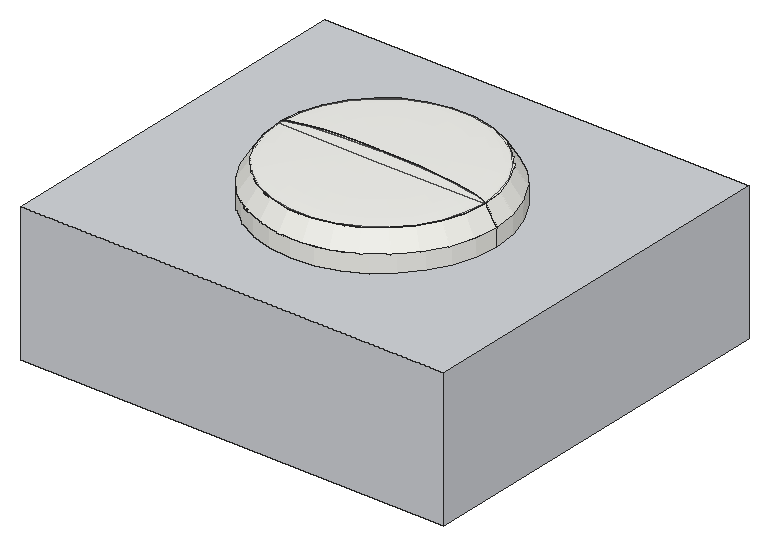
Revit family "M_Luminária embutida - Redonda - LED (2)", category Luminárias, Revit 2019
Family settings
  Hospedeiro = Face
  Cota do conector redondo = Utilizar diâmetro
  Tipo de parte = Normal
  Número OmniClass = 23.80.70.11.14.11
  Título OmniClass = Downlights
  Corte com vazios quando carregada = Não
  Fonte luminosa = Sim
  Compartilhado = Não
  Ponto de cálculo do ambiente = Não
Parameters (values of type "LED15FMM9-W120")
  Wattage = 15 W
  built-in parameter 1150110 = 1 (stored number, unit not read)
  Voltagem = 120 V
  built-in parameter 1114217 = 1 (stored number, unit not read)
  Tilt Angle = -90.00°
  built-in parameter 1150109 = 1 (stored number, unit not read)
  built-in parameter 1150134 = (empty or 0)
  built-in parameter 1150113 = 1 (stored number, unit not read)
  Arquivo de rede fotométrica = "LED15FMM9.IES"
  Número de pólos = 1
  built-in parameter 1150105 = 77.588 (stored number, unit not read)
  Lumens = 975 lm
  built-in parameter 1150115 = 1 (stored number, unit not read)
  Classificação de carga = Iluminação - Unidade de interrupção
  built-in parameter 1150137 = (empty or 0)
  built-in parameter 1150139 = (empty or 0)
  built-in parameter 1150112 = 1 (stored number, unit not read)
  Material do difusor = Vidro, Branco, Alta Luminosidade
  built-in parameter 1150114 = 1 (stored number, unit not read)
  Lâmpada = "LED"
  built-in parameter 1150132 = (empty or 0)
  built-in parameter 1150102 = (empty or 0)
  built-in parameter 1150107 = 2700 (stored number, unit not read)
  built-in parameter 1150138 = (empty or 0)
  built-in parameter 1150106 = 0.77588 (stored number, unit not read)
  built-in parameter 1150104 = 6.0387 (stored number, unit not read)
  Dimming Lamp Color Temperature Shift = (empty or 0)
  Elevação-padrão = 1200 mm
  Color Filter = 16777215
  Diâmetro do difusor = Diâmetro da sombra 2  # 230 mm
  Diâmetro da sombra 2 = 230 mm
  Diâmetro da sobra 1 = Diâmetro da sombra 2 + 25 mm  # 255 mm
  Material de sombra = Aço, acabamento de pintura, marfim, com brilho
  built-in parameter 1114218 = 1 (stored number, unit not read)
  built-in parameter 1150133 = 10 (stored number, unit not read)
  Apparent Load = 15 VA
Types (3, lengths in mm): name | Arquivo de rede fotométrica | Diâmetro do difusor | Diâmetro da sombra 2 | Diâmetro da sobra 1
  (no name) | "LED15FMM9.IES" | 230 | 230 | 255
  LED15FM12-W120 | "LED15FM12.IES" | 300 | 300 | 325
  LED15FMM9-W120 | "LED15FMM9.IES" | 230 | 230 | 255
Reference planes
  plane 1 "Centro (Frente/Trás)": y = 0
  plane 2: z = 0
  plane 3 "Centro (Esquerda/Direita)": x = 0
  plane 4: z = 19.05
  plane 5: z = 38.1
  plane 6: z = 50.8
  plane 7: x = 127.5
  plane 8: x = -127.5
  plane 9: x = 115
  plane 10: x = -115
  plane 11: x = 115
  plane 12: x = -115
  plane 13: z = 49.53
  plane 14: x = 113.73
  plane 15: x = -113.73
Forms (mm)
  Extrusion 1, solid
    sketch origin (0, 0, 0) x (1, 0, 0) y (0, 1, 0)
      loop
        line (-240, 220) -> (-240, -202.71) -> (231.16, -202.71) -> (231.16, 220) -> (-240, 220)
    from 0 to -152.4
  Revolve 2, solid, material "Aço, acabamento de pintura, marfim, com brilho" <- "Material de sombra", detail levels medium+fine
    sketch origin (0, 0, 0) x (1, 0, 0) y (0, 0, 1)
      loop
        line (127.5, 0) -> (127.5, 19.05) -> (115, 38.1) -> (0, 38.1) -> (0, 0) -> (127.5, 0)
      axis (0, 0) -> (0, 38.1)
    angle from 0 to 360
  Revolve 3, solid, material "Vidro, Branco, Alta Luminosidade" <- "Material do difusor", detail levels medium+fine
    sketch origin (0, 0, 0) x (1, 0, 0) y (0, 0, 1)
      loop
        spline (115, 38.1) -> (114.016, 39.758) -> (111.081, 41.387) -> (106.246, 42.96) -> (99.593, 44.45) -> (91.236, 45.831) -> (81.317, 47.08) -> (70.008, 48.176) -> (57.5, 49.099) -> (44.009, 49.833) -> (29.764, 50.367) -> (15.011, 50.691) -> (0, 50.8)
        line (0, 50.8) -> (0, 49.53)
        spline (0, 49.53) -> (14.845, 49.432) -> (29.435, 49.141) -> (43.523, 48.66) -> (56.865, 47.999) -> (69.234, 47.168) -> (80.419, 46.182) -> (90.228, 45.058) -> (98.493, 43.815) -> (105.073, 42.474) -> (109.855, 41.058) -> (112.757, 39.592) -> (113.73, 38.1)
        line (113.73, 38.1) -> (115, 38.1)
      axis (0, 38.1) -> (0, 50.8)
    angle from 0 to 360
Lines and regions (mm)
  symbolic lines, detail levels coarse
    curve 1: circle (0, 0, 0) r 115 normal (0, 0, 1)
Dimensions and locks
  equal spacing: plane 2, plane 4, plane 5
  plane 2 to plane 5 = 38.1 mm
  plane 2 to plane 6 = 50.8 mm
  equal spacing: plane 8, plane 3 "Centro (Esquerda/Direita)", plane 7
  "Diâmetro da sobra 1": plane 8 to plane 7
  equal spacing: plane 10, plane 3 "Centro (Esquerda/Direita)", plane 9
  "Diâmetro da sombra 2": plane 10 to plane 9
  equal spacing: plane 12, plane 3 "Centro (Esquerda/Direita)", plane 11
  "Diâmetro do difusor": plane 12 to plane 11
  plane 13 to plane 6 = 1.27 mm
  plane 14 to plane 11 = 1.27 mm
  plane 12 to plane 15 = 1.27 mm
  "Diâmetro do difusor": diameter of curve 1
  aligned and locked: plane 2 to Extrusion 1
  aligned and locked: level to Extrusion 1
  aligned and locked: plane 7 to Revolve 2 sketch curve  (x2)
  aligned and locked: plane 4 to Revolve 2 sketch curve
  aligned and locked: plane 5 to Revolve 3 sketch curve  (x3)
  aligned and locked: plane 3 "Centro (Esquerda/Direita)" to Revolve 3 sketch curve  (x4)
  aligned and locked: plane 6 to Revolve 3 sketch curve
  aligned and locked: plane 11 to Revolve 3 sketch curve
  aligned and locked: Revolve 3 sketch curve to plane 5
  aligned and locked: plane 3 "Centro (Esquerda/Direita)" to imposter light
  aligned and locked: Revolve 2 sketch curve to plane 2
  aligned and locked: Revolve 2 sketch curve to plane 5
  aligned and locked: plane 3 "Centro (Esquerda/Direita)" to Revolve 2 sketch curve
  aligned and locked: Revolve 2 sketch curve to plane 3 "Centro (Esquerda/Direita)"
  aligned and locked: plane 5 to imposter light
  aligned and locked: plane 14 to Revolve 3 sketch curve
  aligned and locked: plane 13 to Revolve 3 sketch curve
  aligned and locked: Revolve 3 sketch curve to plane 3 "Centro (Esquerda/Direita)"
  aligned and locked: plane 1 "Centro (Frente/Trás)" to curve 1
  aligned and locked: plane 3 "Centro (Esquerda/Direita)" to curve 1
Automatic sketch dimensions
  Extrusion 1 sketch curve to Extrusion 1 sketch curve = 471.16 mm
  Extrusion 1 sketch curve to Extrusion 1 sketch curve = 422.71 mm
  plane 9 to Revolve 2 sketch curve = 0 mm
  Revolve 2 sketch curve to level = 609.6 mm
  plane 6 to Revolve 2 sketch curve = 2540.498 mm
  Revolve 3 sketch curve to level = 609.6 mm
  Revolve 3 sketch curve to Revolve 3 sketch curve = 2540.498 mm
Connectors
  electrical at (0, 0, 0), driven by "Número de pólos", driven by "Classificação de carga", driven by "Voltagem", driven by "Apparent Load", driven by "Apparent Load"
    settings: on Revolve 2, index 1, voltage 120 V, apparent load 15 VA, apparent load phase1 15 VA, apparent load phase2 0 VA, apparent load phase3 0 VA, power factor 0.95, load classification "Iluminação - Unidade de interrupção", number of poles 1, system type 31, power factor state 1, is connector primary yes, connector utility no, sub classification motor no, connector description ""
